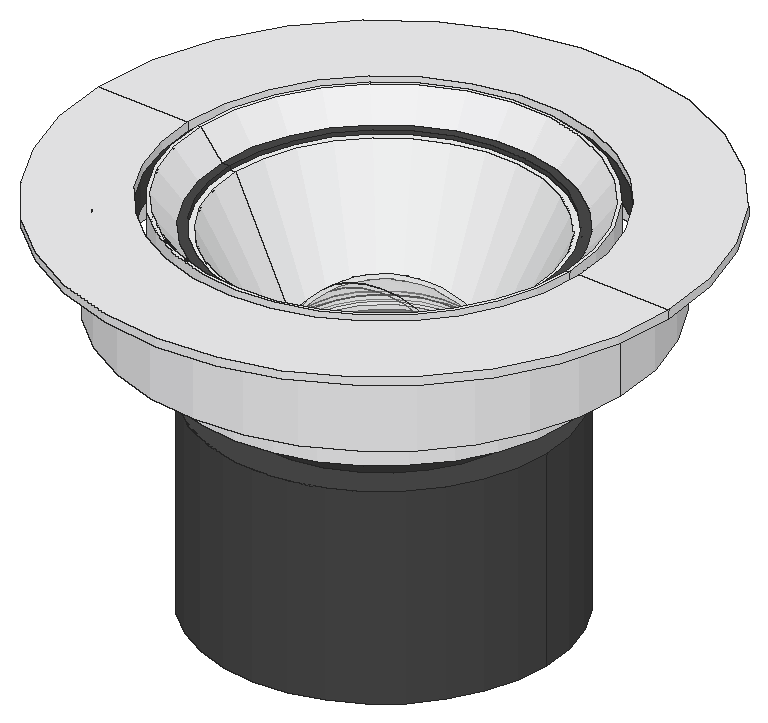
Revit family "2070038", category Lighting Fixtures, host Face, Revit 2018
Family settings
  Host = Face
  Round Connector Dimension = Use Diameter
  Part Type = Normal
  OmniClass Number = 23.80.70.11.17
  OmniClass Title = Specialized Lighting by Location or Use
  Cut with Voids When Loaded = No
  Light Source = No
  Shared = No
  Room Calculation Point = No
Parameters (values of type "2070038 EXPOSPOT 90 ADJ HE RA90 4000K NB WHITE")
  Weight = 0.77 kg  # constant formula
  Total Power Consumption = 27.9994 W
  Reflector Material = Aluminum_Sylvania_Expospot_Polished
  Radius = Diameter / 2  # 75.0 mm
  Product Code = "0060262"
  Photometric Web File = IES_Expospot_90_Adjustable : 0060270
  Photobiological Risk Group = "RG1"  # constant formula
  Nominal Frequency = "50/60Hz"  # constant formula
  Mounting Outer Radius = Head Radius + 3.0 mm  # 52.0 mm
  Max. Luminaires per 20A C Breaker = "45"  # constant formula
  Max. Luminaires per 20A B Breaker = "27"  # constant formula
  Max. Luminaires per 16A C Breaker = "35"  # constant formula
  Max. Luminaires per 16A B Breaker = "21"  # constant formula
  Max. Luminaires per 13A C Breaker = "28"  # constant formula
  Max. Luminaires per 13A B Breaker = "17"  # constant formula
  Max. Luminaires per 10A C Breaker = "21"  # constant formula
  Max. Luminaires per 10A B Breaker = "13"  # constant formula
  Light Loss Factor = 1  # constant formula
  Lamp Power Factor = 0.92
  LOR = "100%"  # constant formula
  Keynote = "n/a"
  Inrush Duration = "250µs"  # constant formula
  Inrush Current = 19.4 A  # constant formula
  Initial Intensity = 3126 lm
  Initial Color = 3000 K
  IP Rating = "IP20"  # constant formula
  IK Rating = "IK02"  # constant formula
  Height = 103.0 mm  # constant formula
  Voltage Comments = "220-240V~"  # constant formula
  Voltage = 240 V  # constant formula
  URL = "0.92"
  Product Page URL = "http://www.sylvania-lighting.com/product/en-int/products/0060262"
  Product Family = "EXPOSPOT 90 ADJUSTABLE"  # constant formula
  Head Radius = Radius - 26.0 mm  # 49.0 mm
  Head Diameter = Head Radius * 2  # 98.0 mm
  Head Angle [instance] = 0°
  Glow Wire Test = 850 °C  # constant formula
  Electrical Protection = "Class II"  # constant formula
  Drive Current = "700mA"  # constant formula
  Dimmable = "N"  # constant formula
  Diffuser Material = Acrylic_Sylvania_Expospot_3000K
  Diameter = 150.0 mm  # constant formula
  Cutout Diameter = Diameter - 10.0 mm  # 140.0 mm
  Created by URL = "http://all1studio.com/"
  Created by = "All 1 Studio Ltd. "  # constant formula
  Control Gear Type = "Electronic"  # constant formula
  Control Gear Required = "No"  # constant formula
  Control Gear Mounting = "Remote"  # constant formula
  Colour Variation Initial = "3SDCM"  # constant formula
  built-in parameter 1114216 [instance] = 1 (stored number, unit not read)
  Model = "EXPOSPOT 90 ADJUSTABLE HE RA90 4000K NB WHITE"
  Manufacturer = "Feilo Sylvania"  # constant formula
  Lamp = "LED"  # constant formula
  CRI = "80Ra"
  Body Material = Aluminum_Sylvania_Expospot_White
  Description = "Specifically designed for Retail and Display applications. I.e. Supermarkets Fashion Retail Department stores. Build around a 90mm reflector and lens combination."  # constant formula
  Default Elevation = 0.0 mm
  built-in parameter 1140040 [instance] = 1
  Beam Angle = 47°
  Average Life = "50 000h"  # constant formula
  Assembly Code = "D5020200"
  Apparent Load Comments = ""
  Apparent Load = 28 VA
  Body Secondary Material = Plastic_Sylvania_Expospot_Black
Reference planes
  plane 1 "Center (Front/Back)": y = 0
  plane 2: z = 0
  plane 3 "Center (Left/Right)": x = -7.423
  plane 4: z = 2
  plane 5: z = -22.5
  plane 6: x = -82.423
  plane 7: z = -5
Forms (mm)
  Revolve 1, solid, material "Aluminum_Sylvania_Expospot_White" <- "Body Material", detail levels fine
    sketch origin (0, 0, 0) x (1, 0, 0) y (0, 0, 1)
      loop
        line (-82.423, 2) -> (-82.423, 0) -> (-69.923, 0) -> (-69.923, -22.5) -> (-67.923, -22.5) -> (-67.923, 0) -> (-58.923, 0) -> (-58.923, 2) -> (-82.423, 2)
      axis (-7.423, 2) -> (-7.423, -22.5)
    angle from 0 to 360
  Revolve 2, solid, material "Plastic_Sylvania_Expospot_Black" <- "Body Secondary Material", detail levels fine
    sketch origin (0, 0, 0) x (1, 0, 0) y (0, 0, 1)
      loop
        line (-67.923, 0) -> (-67.923, -1.5) -> (-60.923, -1.5) -> (-60.923, -8.5) -> (-59.423, -8.5) -> (-59.423, 0) -> (-67.923, 0)
      axis (-7.423, 0) -> (-7.423, -8.5)
    angle from 0 to 360
  Extrusion 3, void
    sketch origin (0, 0, 0) x (1, 0, 0) y (0, 1, 0)
      loop
        circle (-7.423, 0) r 70
    from -116.997 to 69.443
  Extrusion 4, solid, material "Aluminum_Sylvania_Expospot_White" <- "Body Material", detail levels fine
    sketch origin (-7.423, 0, 0) x (0, 1, 0) y (0, 0, 1)
      loop
        circle (0, -5) r 3.5
    from 49 <- "Head Radius" to 52 <- "Mounting Outer Radius"
  Extrusion 5, solid, material "Aluminum_Sylvania_Expospot_White" <- "Body Material", detail levels fine
    sketch origin (-7.423, 0, 0) x (0, 1, 0) y (0, 0, -1)
      loop
        circle (0, 5) r 3.5
    from 49 <- "Head Radius" to 52 <- "Mounting Outer Radius"
  Revolve 6, solid, material "Aluminum_Sylvania_Expospot_White" <- "Body Material", detail levels coarse+medium
    sketch origin (0, 0, 0) x (1, 0, 0) y (0, 0, 1)
      loop
        line (-82.423, 2) -> (-82.423, 0) -> (-69.923, 0) -> (-69.923, -22.5) -> (-67.923, -22.5) -> (-67.923, -8.5) -> (-58.923, -8.5) -> (-58.923, 2) -> (-82.423, 2)
      axis (-7.423, 2) -> (-7.423, -22.5)
    angle from 0 to 360
Lines and regions (mm)
  Masking region 1
    outline origin (0, 0, 0) x (1, 0, 0) y (0, 1, 0)
      loop
        circle (-7.423, 0) r 75
  reference lines
    curve 1: line (-7.423, 0, -5) -> (-7.423, 0, -60)
  symbolic lines, detail levels fine
    curve 2: arc (-58.923, 0, 0) -> (-7.423, 51.5, 0) -> (44.077, 0, 0) r 51.5
    curve 3: arc (44.077, 0, 0) -> (-7.423, -51.5, 0) -> (-58.923, 0, 0) r 51.5
Dimensions and locks
  plane 4 to plane 2 to plane 7 to plane 5 = 2.0 mm locked, 5.0 mm locked, 17.5 mm locked
  "Radius": plane 6 to plane 3 "Center (Left/Right)"
  "Cutout Diameter": diameter of Extrusion 3 sketch curve
  "Head Angle": angle plane 1 "Center (Front/Back)" to curve 1
  aligned and locked: host face to plane 2
  aligned and locked: host face to level
  aligned and locked: plane 6 to Revolve 1 sketch curve
  aligned and locked: Revolve 1 sketch curve to plane 3 "Center (Left/Right)"
  aligned and locked: plane 1 "Center (Front/Back)" to curve 1
  aligned and locked: plane 7 to curve 1
  aligned and locked: plane 6 to Revolve 6 sketch curve
Automatic sketch dimensions
  host sketch curve to host sketch curve = 1412.252 mm
  host sketch curve to host sketch curve = 1359.6 mm
  Revolve 1 sketch curve to level = 0.0 mm  (x2)
  Revolve 1 sketch curve to plane 5 = 0.0 mm
  Revolve 1 sketch curve to plane 4 = 0.0 mm
  Revolve 1 sketch curve to Revolve 1 sketch curve = 12.5 mm
  Revolve 1 sketch curve to Revolve 1 sketch curve = 2.0 mm
  Revolve 1 sketch curve to Revolve 1 sketch curve = 9.0 mm
  Revolve 1 sketch curve to plane 5 = 349.774 mm
  plane 4 to Revolve 1 sketch curve = 1145.706 mm
  Revolve 2 sketch curve to level = 0.0 mm
  Revolve 2 sketch curve to plane 3 "Center (Left/Right)" = 0.0 mm
  Revolve 2 sketch curve to plane 6 = 23.0 mm
  Revolve 2 sketch curve to Revolve 2 sketch curve = 1.5 mm
  Revolve 2 sketch curve to level = 1.5 mm
  Revolve 2 sketch curve to Revolve 2 sketch curve = 7.0 mm
  Revolve 2 sketch curve to plane 7 = 3.5 mm
  Revolve 2 sketch curve to plane 5 = 349.774 mm
  plane 4 to Revolve 2 sketch curve = 1145.706 mm
  plane 1 "Center (Front/Back)" to Extrusion 3 sketch curve = 0.0 mm
  Extrusion 3 sketch curve to plane 3 "Center (Left/Right)" = 0.0 mm
  Extrusion 4 sketch curve to plane 1 "Center (Front/Back)" = 0.0 mm
  Extrusion 4 sketch curve to plane 7 = 0.0 mm
  Extrusion 5 sketch curve to plane 1 "Center (Front/Back)" = 0.0 mm
  Extrusion 5 sketch curve to plane 7 = 0.0 mm
  Revolve 6 sketch curve to level = 0.0 mm
  Revolve 6 sketch curve to plane 5 = 0.0 mm
  Revolve 6 sketch curve to plane 4 = 0.0 mm
  Revolve 6 sketch curve to plane 3 "Center (Left/Right)" = 0.0 mm
  Revolve 6 sketch curve to plane 6 = 12.5 mm
  Revolve 6 sketch curve to plane 7 = 3.5 mm
  Revolve 6 sketch curve to Revolve 6 sketch curve = 9.0 mm
  Revolve 6 sketch curve to plane 5 = 349.774 mm
  plane 4 to Revolve 6 sketch curve = 1145.706 mm
  Revolve 6 sketch curve to Revolve 6 sketch curve = 2.0 mm
  Masking region 1 sketch curve to Masking region 1 sketch curve = 0.0 mm  (x2)
  plane 1 "Center (Front/Back)" to Masking region 1 sketch curve = 0.0 mm
  Masking region 1 sketch curve to plane 6 = 0.0 mm
  Masking region 1 sketch curve to plane 3 "Center (Left/Right)" = 0.0 mm
  curve 2 to curve 3 = 0.0 mm  (x2)
  plane 1 "Center (Front/Back)" to curve 2 = 0.0 mm
  curve 3 to plane 3 "Center (Left/Right)" = 0.0 mm
  curve 3 to plane 6 = 23.5 mm
  radius of Extrusion 4 sketch curve = 3.5 mm
  radius of Extrusion 5 sketch curve = 3.5 mm
Nested families
  nested 1: "Head_Expospot 90" at (-7.423, 0, 2), type "Head_Expospot 90"
  nested 2: "IES_Expospot_90_Adjustable" at (-7.423, 0, 2), type <- "Photometric Web File", type "0060270"
Connectors
  electrical at (-7.423, 0, -101), driven by "Voltage", driven by "Apparent Load", driven by "Lamp Power Factor"
    settings: on nested 1, index 1, voltage 240 V, apparent load 0 VA, apparent load phase1 28 VA, apparent load phase2 0 VA, apparent load phase3 0 VA, power factor 0.92, load classification "Lighting", number of poles 1, system type 31, power factor state 1, is connector primary yes, connector utility no, sub classification motor no, connector description ""
Definition of nested family "Head_Expospot 90"
  Parameters (values of type "Head_Expospot 90")
    Reflector Material = none
    Radius = 49.0 mm
    Height = 103.0 mm
    Diffuser Material = none
    Default Elevation = 0.0 mm
    Cooling Radius = Radius - 6.0 mm  # 43.0 mm
    Body Secondary Material = none
    Body Material = none
  Reference planes
    plane 1 "Center (Front/Back)": y = 0
    plane 2: z = 0
    plane 3 "Center (Left/Right)": x = 0
    plane 4: z = -35.5
    plane 5: z = -6.5
    plane 6 "Fixture Radius": x = -49
    plane 7: z = -45
    plane 8: z = -95
    plane 9: z = -103
    plane 10 "Diffuser Radius": x = -24.5
    plane 11: z = -36.5
  Forms (mm)
    Revolve 1, solid, material <- "Body Material", detail levels fine
      sketch origin (0, 0, 0) x (1, 0, 0) y (0, 0, 1)
        loop
          line (-49, 0) -> (-49, -35.5) -> (-47, -35.5) -> (-47, -4.542) -> (-45.357, -6.5) -> (-42.746, -6.5) -> (-48.2, 0) -> (-49, 0)
        axis (0, 0) -> (0, -35.5)
      angle from 0 to 360
    Revolve 2, solid, material <- "Reflector Material", detail levels fine
      sketch origin (0, 0, 0) x (1, 0, 0) y (0, 0, 1)
        loop
          line (-41, -7.5) -> (-41, -8.5) -> (-39.623, -8.5) -> (-25.123, -37.5) -> (-20.5, -37.5) -> (-20.5, -36.5) -> (-24.5, -36.5) -> (-39, -7.5) -> (-41, -7.5)
        axis (0, -7.5) -> (0, -37.5)
      angle from 0 to 360
    Revolve 3, solid, material <- "Body Secondary Material", detail levels fine
      sketch origin (0, 0, 0) x (1, 0, 0) y (0, 0, 1)
        loop
          line (-47, -6.5) -> (-47, -35.5) -> (-42.5, -35.5) -> (-35.078, -45) -> (0, -45) -> (0, -37.5) -> (-24.5, -37.5) -> (-24.5, -44) -> (-34.59, -44) -> (-42.012, -34.5) -> (-46, -34.5) -> (-46, -7.5) -> (-40.5, -7.5) -> (-40.5, -6.5) -> (-47, -6.5)
        axis (0, -6.5) -> (0, -45)
      angle from 0 to 360
    Revolve 4, solid, material <- "Body Secondary Material", detail levels fine
      sketch origin (0, 0, 0) x (1, 0, 0) y (0, 0, 1)
        loop
          line (-30, -95) -> (-30, -97) -> (-28, -103) -> (0, -103) -> (0, -95) -> (-30, -95)
        axis (0, -95) -> (0, -103)
      angle from 0 to 360
    Extrusion 5, solid, material <- "Body Secondary Material", detail levels fine
      sketch origin (0, 0, 0) x (1, 0, 0) y (0, 1, 0)
        loop
          circle (0, 0) r 43
      from -95 to -45
    Extrusion 6, solid, material <- "Body Material", detail levels coarse+medium
      sketch origin (0, 0, 0) x (1, 0, 0) y (0, 1, 0)
        loop
          circle (0, 0) r 49
      from -103 to 0
    Revolve 7, solid, material <- "Diffuser Material", detail levels fine
      sketch origin (0, 0, 0) x (1, 0, 0) y (0, 0, 1)
        loop
          line (-22.5, -34.5) -> (-22.5, -36.5) -> (-21.5, -36.5) -> (-21.5, -34.77)
          arc (-21.5, -34.77) -> (-12.378, -25.783) -> (0, -22.5) r 24.971
          line (0, -22.5) -> (0, -21.5)
          arc (0, -21.5) -> (-12.993, -24.984) -> (-22.5, -34.5) r 25.971
        axis (0, -21.5) -> (0, -36.5)
      angle from 0 to 360
  Dimensions and locks
    "Radius": plane 3 "Center (Left/Right)" to plane 6 "Fixture Radius"
    locked: Revolve 4 sketch curve to plane 6 "Fixture Radius" at 19
    locked: plane 10 "Diffuser Radius" to plane 6 "Fixture Radius" at 24.5
    Revolve 7 sketch curve to Revolve 7 sketch curve to plane 11 = 1.0 mm locked, 14.0 mm locked
    plane 10 "Diffuser Radius" to Revolve 7 sketch curve to Revolve 7 sketch curve = 2.0 mm locked, 1.0 mm locked
    "Height": plane 2 to plane 9
    locked: plane 8 to plane 9 at 8
    plane 2 to plane 5 to plane 4 to plane 11 to plane 7 = 6.5 mm locked, 29.0 mm locked, 1.0 mm locked, 8.5 mm locked
    "Radius": radius of Extrusion 6 sketch curve
    "Cooling Radius": radius of Extrusion 5 sketch curve
    aligned and locked: level to plane 2
    aligned and locked: Revolve 1 sketch curve to plane 6 "Fixture Radius"
    aligned and locked: Extrusion 5 to plane 8
    aligned and locked: plane 7 to Extrusion 5
    aligned and locked: Extrusion 6 to plane 9
    aligned and locked: plane 2 to Extrusion 6
    aligned and locked: Revolve 1 sketch curve to plane 4
  Automatic sketch dimensions
    Revolve 4 sketch curve to plane 8 = 0.0 mm
    Revolve 4 sketch curve to plane 9 = 0.0 mm
    Revolve 4 sketch curve to plane 3 "Center (Left/Right)" = 0.0 mm  (x2)
    Revolve 4 sketch curve to plane 8 = 2.0 mm
    Revolve 4 sketch curve to Revolve 4 sketch curve = 2.0 mm
    Revolve 4 sketch curve to plane 9 = 265.545 mm
    level to Revolve 4 sketch curve = 2214.315 mm
    Revolve 1 sketch curve to level = 0.0 mm
    Revolve 1 sketch curve to plane 3 "Center (Left/Right)" = 0.0 mm
    Revolve 1 sketch curve to Revolve 1 sketch curve = 0.8 mm
    Revolve 1 sketch curve to Revolve 1 sketch curve = 2.0 mm
    plane 5 to Revolve 1 sketch curve = 1.958 mm
    Revolve 1 sketch curve to plane 5 = 0.0 mm
    Revolve 1 sketch curve to Revolve 1 sketch curve = 1.643 mm
    Revolve 1 sketch curve to Revolve 1 sketch curve = 2.611 mm
    Revolve 1 sketch curve to plane 9 = 288.545 mm
    level to Revolve 1 sketch curve = 2214.315 mm
    plane 10 "Diffuser Radius" to Revolve 2 sketch curve = 0.0 mm
    Revolve 2 sketch curve to plane 3 "Center (Left/Right)" = 0.0 mm
    Revolve 2 sketch curve to plane 11 = 0.0 mm
    Revolve 2 sketch curve to plane 5 = 1.0 mm
    plane 6 "Fixture Radius" to Revolve 2 sketch curve = 10.0 mm
    Revolve 2 sketch curve to Revolve 2 sketch curve = 2.0 mm
    Revolve 2 sketch curve to plane 10 "Diffuser Radius" = 4.0 mm
    Revolve 2 sketch curve to Revolve 2 sketch curve = 383.045 mm
    Revolve 2 sketch curve to Revolve 2 sketch curve = 2221.815 mm
    plane 10 "Diffuser Radius" to Revolve 2 sketch curve = 0.623 mm
    Revolve 2 sketch curve to Revolve 2 sketch curve = 0.623 mm
    Revolve 2 sketch curve to Revolve 2 sketch curve = 1.0 mm
    Revolve 2 sketch curve to plane 11 = 1.0 mm
    Revolve 3 sketch curve to plane 5 = 0.0 mm
    Revolve 3 sketch curve to plane 4 = 0.0 mm
    Revolve 3 sketch curve to plane 7 = 0.0 mm
    plane 10 "Diffuser Radius" to Revolve 3 sketch curve = 0.0 mm
    Revolve 3 sketch curve to plane 3 "Center (Left/Right)" = 0.0 mm  (x2)
    plane 7 to Revolve 3 sketch curve = 1.0 mm
    plane 10 "Diffuser Radius" to Revolve 3 sketch curve = 10.09 mm
    Revolve 3 sketch curve to Revolve 3 sketch curve = 0.488 mm  (x2)
    Revolve 3 sketch curve to plane 5 = 1.0 mm
    plane 6 "Fixture Radius" to Revolve 3 sketch curve = 8.5 mm
    plane 4 to Revolve 3 sketch curve = 1.0 mm
    plane 6 "Fixture Radius" to Revolve 3 sketch curve = 6.988 mm
    plane 6 "Fixture Radius" to Revolve 3 sketch curve = 3.0 mm
    Revolve 3 sketch curve to Revolve 3 sketch curve = 1.0 mm
    Revolve 3 sketch curve to plane 9 = 265.545 mm
    level to Revolve 3 sketch curve = 2214.315 mm
    Revolve 3 sketch curve to plane 11 = 1.0 mm
    Revolve 7 sketch curve to Revolve 7 sketch curve = 0.0 mm
    Revolve 7 sketch curve to plane 11 = 0.0 mm
    Revolve 7 sketch curve to plane 3 "Center (Left/Right)" = 0.0 mm  (x2)
    plane 4 to Revolve 7 sketch curve = 0.73 mm
    Revolve 7 sketch curve to plane 9 = 278.0 mm
    level to Revolve 7 sketch curve = 156.383 mm
    plane 1 "Center (Front/Back)" to Extrusion 5 sketch curve = 0.0 mm
    Extrusion 5 sketch curve to plane 3 "Center (Left/Right)" = 0.0 mm
    plane 1 "Center (Front/Back)" to Extrusion 6 sketch curve = 0.0 mm
    Extrusion 6 sketch curve to plane 3 "Center (Left/Right)" = 0.0 mm
Definition of nested family "IES_Expospot_90_Adjustable"
  Parameters (values of type "0060286")
    Wattage = 34.9993 W
    built-in parameter 1150110 = 1 (stored number, unit not read)
    Total Power Consumption = 34.9993 W
    built-in parameter 1114217 = 1 (stored number, unit not read)
    Tilt Angle = -90°
    built-in parameter 1150109 = 1 (stored number, unit not read)
    built-in parameter 1150134 = (empty or 0)
    built-in parameter 1150113 = 1 (stored number, unit not read)
    Photometric Web File = "0060286.ies"
    built-in parameter 1150105 = 296.11 (stored number, unit not read)
    Lumens = 3721 lm
    built-in parameter 1150115 = 1 (stored number, unit not read)
    built-in parameter 1150137 = (empty or 0)
    built-in parameter 1150139 = (empty or 0)
    built-in parameter 1150112 = 1 (stored number, unit not read)
    built-in parameter 1150114 = 1 (stored number, unit not read)
    built-in parameter 1150132 = 2
    built-in parameter 1150102 = 3721
    built-in parameter 1150107 = 3000 (stored number, unit not read)
    built-in parameter 1150138 = 3000
    built-in parameter 1150106 = 2.9611 (stored number, unit not read)
    Emit from Circle Diameter = 98.0 mm
    Emit Shape Visible in Rendering = no
    built-in parameter 1150104 = 9.8771 (stored number, unit not read)
    Dimming Lamp Color Temperature Shift = (empty or 0)
    Default Elevation = 0.0 mm
    Color Filter = 16777215
    built-in parameter 1114218 = 1 (stored number, unit not read)
    built-in parameter 1150133 = 10 (stored number, unit not read)
    Apparent Load = 34.9993 VA
  Types (24, lengths in mm): name | Wattage | Total Power Consumption | built-in parameter 1150134 | Photometric Web File | built-in parameter 1150105 | Lumens | built-in parameter 1150102 | built-in parameter 1150107 | built-in parameter 1150138 | built-in parameter 1150106 | built-in parameter 1150104 | Apparent Load
    0060296 | 34.9993 W | 34.9993 W | 12 | "0060296.ies" | 276.85 (stored number, unit not read) | 3479 lm | 3479 | 4000 (stored number, unit not read) | 4000 | 2.7685 (stored number, unit not read) | 9.2348 (stored number, unit not read) | 34.9993 VA
    0060295 | 34.9993 W | 34.9993 W | 12 | "0060295.ies" | 275.18 (stored number, unit not read) | 3458 lm | 3458 | 4000 (stored number, unit not read) | 4000 | 2.7518 (stored number, unit not read) | 9.179 (stored number, unit not read) | 34.9993 VA
    0060294 | 34.9993 W | 34.9993 W | 12 | "0060294.ies" | 284.09 (stored number, unit not read) | 3570 lm | 3570 | 4000 (stored number, unit not read) | 4000 | 2.8409 (stored number, unit not read) | 9.4763 (stored number, unit not read) | 34.9993 VA
    0060293 | 34.9993 W | 34.9993 W | (empty or 0) | "0060293.ies" | 262.05 (stored number, unit not read) | 3293 lm | 3293 | 3000 (stored number, unit not read) | 3000 | 2.6205 (stored number, unit not read) | 8.741 (stored number, unit not read) | 34.9993 VA
    0060292 | 34.9993 W | 34.9993 W | (empty or 0) | "0060292.ies" | 253.06 (stored number, unit not read) | 3180 lm | 3180 | 3000 (stored number, unit not read) | 3000 | 2.5306 (stored number, unit not read) | 8.4411 (stored number, unit not read) | 34.9993 VA
    0060291 | 34.9993 W | 34.9993 W | (empty or 0) | "0060291.ies" | 268.1 (stored number, unit not read) | 3369 lm | 3369 | 3000 (stored number, unit not read) | 3000 | 2.681 (stored number, unit not read) | 8.9428 (stored number, unit not read) | 34.9993 VA
    0060290 | 34.9993 W | 34.9993 W | 12 | "0060290.ies" | 313.69 (stored number, unit not read) | 3942 lm | 3942 | 4000 (stored number, unit not read) | 4000 | 3.1369 (stored number, unit not read) | 10.464 (stored number, unit not read) | 34.9993 VA
    0060289 | 34.9993 W | 34.9993 W | 12 | "0060289.ies" | 306.53 (stored number, unit not read) | 3852 lm | 3852 | 4000 (stored number, unit not read) | 4000 | 3.0653 (stored number, unit not read) | 10.225 (stored number, unit not read) | 34.9993 VA
    0060288 | 34.9993 W | 34.9993 W | 12 | "0060288.ies" | 327.94 (stored number, unit not read) | 4121 lm | 4121 | 4000 (stored number, unit not read) | 4000 | 3.2794 (stored number, unit not read) | 10.939 (stored number, unit not read) | 34.9993 VA
    0060287 | 34.9993 W | 34.9993 W | (empty or 0) | "0060287.ies" | 297.3 (stored number, unit not read) | 3736 lm | 3736 | 3000 (stored number, unit not read) | 3000 | 2.973 (stored number, unit not read) | 9.9169 (stored number, unit not read) | 34.9993 VA
    0060286 | 34.9993 W | 34.9993 W | (empty or 0) | "0060286.ies" | 296.11 (stored number, unit not read) | 3721 lm | 3721 | 3000 (stored number, unit not read) | 3000 | 2.9611 (stored number, unit not read) | 9.8771 (stored number, unit not read) | 34.9993 VA
    0060272 | 27.9994 W | 27.9994 W | 12 | "0060272.ies" | 227.19 (stored number, unit not read) | 2855 lm | 2855 | 4000 (stored number, unit not read) | 4000 | 2.2719 (stored number, unit not read) | 9.473 (stored number, unit not read) | 27.9994 VA
    0060271 | 27.9994 W | 27.9994 W | 12 | "0060271.ies" | 225.68 (stored number, unit not read) | 2836 lm | 2836 | 4000 (stored number, unit not read) | 4000 | 2.2568 (stored number, unit not read) | 9.4099 (stored number, unit not read) | 27.9994 VA
    0060270 | 27.9994 W | 27.9994 W | 12 | "0060270.ies" | 221.94 (stored number, unit not read) | 2789 lm | 2789 | 4000 (stored number, unit not read) | 4000 | 2.2194 (stored number, unit not read) | 9.254 (stored number, unit not read) | 27.9994 VA
    0060269 | 27.9994 W | 27.9994 W | (empty or 0) | "0060269.ies" | 206.03 (stored number, unit not read) | 2589 lm | 2589 | 3000 (stored number, unit not read) | 3000 | 2.0603 (stored number, unit not read) | 8.5904 (stored number, unit not read) | 27.9994 VA
    0060268 | 27.9994 W | 27.9994 W | (empty or 0) | "0060268.ies" | 204.75 (stored number, unit not read) | 2573 lm | 2573 | 3000 (stored number, unit not read) | 3000 | 2.0475 (stored number, unit not read) | 8.5373 (stored number, unit not read) | 27.9994 VA
    0060267 | 27.9994 W | 27.9994 W | (empty or 0) | "0060267.ies" | 201.81 (stored number, unit not read) | 2536 lm | 2536 | 3000 (stored number, unit not read) | 3000 | 2.0181 (stored number, unit not read) | 8.4145 (stored number, unit not read) | 27.9994 VA
    0060266 | 27.9994 W | 27.9994 W | 12 | "0060266.ies" | 256.96 (stored number, unit not read) | 3229 lm | 3229 | 4000 (stored number, unit not read) | 4000 | 2.5696 (stored number, unit not read) | 10.714 (stored number, unit not read) | 27.9994 VA
    0060265 | 27.9994 W | 27.9994 W | 12 | "0060265.ies" | 257.19 (stored number, unit not read) | 3232 lm | 3232 | 4000 (stored number, unit not read) | 4000 | 2.5719 (stored number, unit not read) | 10.724 (stored number, unit not read) | 27.9994 VA
    0060264 | 27.9994 W | 27.9994 W | 12 | "0060264.ies" | 250.27 (stored number, unit not read) | 3145 lm | 3145 | 4000 (stored number, unit not read) | 4000 | 2.5027 (stored number, unit not read) | 10.435 (stored number, unit not read) | 27.9994 VA
    0060263 | 27.9994 W | 27.9994 W | (empty or 0) | "0060263.ies" | 252.58 (stored number, unit not read) | 3174 lm | 3174 | 3000 (stored number, unit not read) | 3000 | 2.5258 (stored number, unit not read) | 10.531 (stored number, unit not read) | 27.9994 VA
    0060262 | 27.9994 W | 27.9994 W | (empty or 0) | "0060262.ies" | 248.76 (stored number, unit not read) | 3126 lm | 3126 | 3000 (stored number, unit not read) | 3000 | 2.4876 (stored number, unit not read) | 10.372 (stored number, unit not read) | 27.9994 VA
    0060261 | 27.9993 W | 28 W | (empty or 0) | "0060261.ies" | 3140.4 (stored number, unit not read) | 3174 lm | 3479 | 3000 (stored number, unit not read) | 4000 | 31.404 (stored number, unit not read) | 10.531 (stored number, unit not read) | 28 VA
    0060285 | 35.0009 W | 34.9993 W | (empty or 0) | "0060285.ies" | 4452.3 (stored number, unit not read) | 3946 lm | 3721 | 3000 (stored number, unit not read) | 3000 | 44.523 (stored number, unit not read) | 10.474 (stored number, unit not read) | 34.9993 VA
  Reference planes
    plane 1 "Center (Front/Back)": y = 0
    plane 2: z = 0
    plane 3 "Center (Left/Right)": x = 0
  Dimensions and locks
    aligned and locked: level to plane 2
    aligned and locked: plane 3 "Center (Left/Right)" to imposter light
    aligned and locked: plane 1 "Center (Front/Back)" to imposter light
    aligned and locked: level to imposter light
